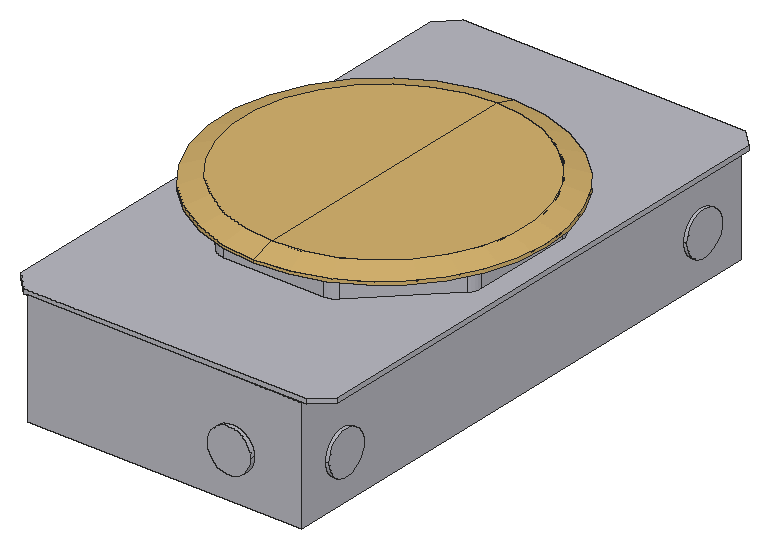
Revit family "Electrical_Equipment-Floor_Box-Hubbell_Wiring-2_Gang-Concrete_Shallow-CFB2G25R", category Electrical Fixtures, host Face, Revit 2015
Parameters (values of type "CFB2G25R")
  URL = "http://www.hubbell-wiring.com/"
  Product data url = "https://bimobject.com/hubbellwiring/product/hubbell-cfb2g25"
  Product Page URL = "http://ecatalog.hubbell-wiring.com/productinformation/viewcatalog.aspx?Dest=hubbell-wiring.com/press/catalog/O.pdf"
  Product Documentation Link = "http://www.hubbell-wiring.com/DrawingLibrary.aspx/"
  Model = "CFB2G25R"
  Manufacturer = "Hubbell-Wiring"  # constant formula
  Keynote = ""
  Device Plate 2 [instance] = Device Plate : FBMP139 - Simplex / 20A - 1.39" circular opening
  Device Plate 1 [instance] = Device Plate : FBMP139 - Simplex / 20A - 1.39" circular opening
  Description = "Concrete Floor Box, 2 Gang for 6in Round Cover Shallow"  # constant formula
  Default Elevation = 0.000"
  Cover Type [instance] = CFBS1R6FFCVR : CFBS1R6FFCVRBRS - Brass Cover
  Conduit Connector_9 Description = "Conduit 1in. 0.75in. or 0.5in. Connection"
  Conduit Connector_8 Description = "Conduit 1in. 0.75in. or 0.5in. Connection"
  Conduit Connector_7 Description = "Conduit 1in. 0.75in. or 0.5in. Connection"
  Conduit Connector_6 Description = "Conduit 1in. 0.75in. or 0.5in. Connection"
  Conduit Connector_5 Description = "Conduit 1in. 0.75in. or 0.5in. Connection"
  Conduit Connector_4 Description = "Conduit 1in. 0.75in. or 0.5in. Connection"
  Conduit Connector_3 Description = "Conduit 1in. 0.75in. or 0.5in. Connection"
  Conduit Connector_2 Description = "Conduit 1in. 0.75in. or 0.5in. Connection"
  Conduit Connector_10 Description = "Conduit 1in. 0.75in. or 0.5in. Connection"
  Conduit Connector_1 Description = "Conduit 1in. 0.75in. or 0.5in. Connection"
  Conduit Connector 1 Radius = 0.500"
  Box Material = Metal - Hubbell - Steel
  Assembly Code = "D5020115"
Types (2): name | Model | Cover Type | Box Material
  CFB2G25R | "CFB2G25R" | CFBS1R6FFCVR : CFBS1R6FFCVRBRS - Brass Cover | Metal - Hubbell - Steel
  CFB2G25RCR | "CFB2G25RCR" | CFBS1R6FFCVR : CFBS1R6FFCVRNK - Nickel Cover | Metal - Hubbell - Green Finish
Reference planes (in)
  plane 1 "Center (Front/Back)": y = 0
  plane 2 "Reference level": z = 0
  plane 3 "Center (Left/Right)": x = 0
  plane 4: z = -3.25
  plane 5: x = -3.16
  plane 6: x = 3.16
  plane 7: y = 6.3285
  plane 8: y = -6.3285
  plane 9: z = -3.19
  plane 10: y = -6.4285
  plane 11: x = -3.26
  plane 12: y = 6.4285
  plane 13: x = 3.26
  plane 14: z = -2.1515
  plane 15: z = -3.35
  plane 16: x = -3.06
  plane 17: x = 3.06
  plane 18: y = 6.2285
  plane 19: y = -6.2285
  plane 20: z = -0.64
  plane 21: z = -0.53984
  plane 22: x = 3.66
  plane 23: x = -3.66
Forms (in)
  Extrusion 1, solid, material "Metal - Hubbell - Steel" <- "Box Material"
    sketch origin (0, 0, 0) x (1, 0, 0) y (0, 1, 0)
      loop
        line (-3.16, 6.3285) -> (-3.16, -6.3285) -> (3.16, -6.3285) -> (3.16, 6.3285) -> (-3.16, 6.3285)
    from -3.25 to -0.64
  Extrusion 2, solid, material "Metal - Hubbell - Steel" <- "Box Material", detail levels medium+fine
    sketch origin (0, 0, 0) x (0, 1, 0) y (0, 0, 1)
      loop
        circle (5.1645, -2.1515) r 0.5
      loop
        circle (-5.1645, -2.1515) r 0.5
    from -3.26 to -3.16
  Extrusion 3, solid, material "Metal - Hubbell - Steel" <- "Box Material", detail levels medium+fine
    sketch origin (0, 0, 0) x (0, 1, 0) y (0, 0, -1)
      loop
        circle (5.1645, 2.1515) r 0.5
      loop
        circle (-5.1645, 2.1515) r 0.5
    from -3.26 to -3.16
  Extrusion 4, solid, material "Metal - Hubbell - Steel" <- "Box Material", detail levels medium+fine
    sketch origin (0, 0, 0) x (1, 0, 0) y (0, 0, 1)
      loop
        circle (1.563, -2.1515) r 0.5
    from 6.3285 to 6.4285
  Extrusion 5, solid, material "Metal - Hubbell - Steel" <- "Box Material", detail levels medium+fine
    sketch origin (0, 0, 0) x (1, 0, 0) y (0, 0, -1)
      loop
        circle (1.563, 2.1515) r 0.5
    from 6.3285 to 6.4285
  Extrusion 6, solid, material "Metal - Hubbell - Steel" <- "Box Material", detail levels medium+fine
    sketch origin (0, 0, 0) x (1, 0, 0) y (0, 1, 0)
      loop
        circle (-1.9915, 5.24) r 0.5
      loop
        circle (1.9915, 5.24) r 0.5
      loop
        circle (-1.9915, -5.24) r 0.5
      loop
        circle (1.9915, -5.24) r 0.5
    from -3.35 to -3.25
  Extrusion 7, void
    sketch origin (0, 0, 0) x (1, 0, 0) y (0, 1, 0)
      loop
        line (-3.06, -6.2285) -> (3.06, -6.2285) -> (3.06, 6.2285) -> (-3.06, 6.2285) -> (-3.06, -6.2285)
    from -3.19 to 0
  Sweep 8, solid, material "Metal - Hubbell - Steel" <- "Box Material"
    path origin (0, 0, 0) x (0, 1, 0) y (0, 0, 1)
      loop
        line (0, -0.64) -> (0, -0.53984)
    profile origin (0, 0, -0.58992) x (0, -1, 0) y (1, 0, 0)
      loop
        line (5.923, -3.66) -> (6.323, -3.26) -> (6.323, 3.26) -> (5.923, 3.66) -> (-5.927, 3.66) -> (-6.3285, 3.2585) -> (-6.3285, -3.2585) -> (-5.927, -3.66) -> (5.923, -3.66)
  Sweep 9, solid, material "Metal - Hubbell - Steel" <- "Box Material"
    path origin (0, 0, 0) x (0, 1, 0) y (0, 0, 1)
      loop
        line (0, -0.53984) -> (0, 0)
    profile origin (0, 0, -0.26992) x (0, -1, 0) y (1, 0, 0)
      loop
        arc (-3.0706, 1.43426) -> (-3.15601, 1.30643) -> (-3.186, 1.15566) r 0.394
        line (-3.186, 1.15566) -> (-3.186, -1.15566)
        arc (-3.186, -1.15566) -> (-3.15601, -1.30643) -> (-3.0706, -1.43426) r 0.394
        line (-3.0706, -1.43426) -> (-1.43626, -3.0686)
        arc (-1.43626, -3.0686) -> (-1.30843, -3.15401) -> (-1.15766, -3.184) r 0.394
        line (-1.15766, -3.184) -> (1.15366, -3.184)
        arc (1.15366, -3.184) -> (1.30443, -3.15401) -> (1.43226, -3.0686) r 0.394
        line (1.43226, -3.0686) -> (3.0666, -1.43426)
        arc (3.0666, -1.43426) -> (3.15201, -1.30643) -> (3.182, -1.15566) r 0.394
        line (3.182, -1.15566) -> (3.182, 1.15566)
        arc (3.182, 1.15566) -> (3.15201, 1.30643) -> (3.0666, 1.43426) r 0.394
        line (3.0666, 1.43426) -> (1.43226, 3.0686)
        arc (1.43226, 3.0686) -> (1.30443, 3.15401) -> (1.15366, 3.184) r 0.394
        line (1.15366, 3.184) -> (-1.15766, 3.184)
        arc (-1.15766, 3.184) -> (-1.30843, 3.15401) -> (-1.43626, 3.0686) r 0.394
        line (-1.43626, 3.0686) -> (-3.0706, 1.43426)
Cuts and joins
  Extrusion 7 cuts Extrusion 1
Lines and regions (in)
  symbolic lines
    curve 1: line (-3.16, 0, 0) -> (-3.16, 0, -3.25)
    curve 2: line (-3.16, 0, -3.25) -> (3.16, 0, -3.25)
    curve 3: line (3.16, 0, -3.25) -> (3.16, 0, 0)
    curve 4: line (0, 6.3285, -3.25) -> (0, 6.3285, -0.53984)
    curve 5: line (0, 6.3285, -0.53984) -> (0, -6.3285, -0.53984)
    curve 6: line (0, -6.3285, -0.53984) -> (0, -6.3285, -3.25)
    curve 7: line (0, 6.3285, -3.25) -> (0, -6.3285, -3.25)
Dimensions and locks (in)
  level to plane 4 = 3.250"
  equal spacing: Extrusion 2 sketch curve, plane 1 "Center (Front/Back)", Extrusion 2 sketch curve
  locked: Extrusion 2 sketch curve to plane 1 "Center (Front/Back)" at 5.1645
  locked: Extrusion 4 sketch curve to plane 3 "Center (Left/Right)" at 1.563
  equal spacing: Extrusion 3 sketch curve, plane 1 "Center (Front/Back)", Extrusion 3 sketch curve
  locked: Extrusion 3 sketch curve to plane 1 "Center (Front/Back)" at 5.1645
  locked: Extrusion 5 sketch curve to plane 3 "Center (Left/Right)" at 1.563
  equal spacing: Extrusion 6 sketch curve, plane 1 "Center (Front/Back)", Extrusion 6 sketch curve  (x2)
  locked: plane 1 "Center (Front/Back)" to Extrusion 6 sketch curve at 5.24  (x2)
  equal spacing: Extrusion 6 sketch curve, plane 3 "Center (Left/Right)", Extrusion 6 sketch curve  (x2)
  locked: Extrusion 6 sketch curve to plane 3 "Center (Left/Right)" at 1.9915  (x2)
  equal spacing: plane 12, plane 1 "Center (Front/Back)", plane 10, locked at 6.4285 each
  locked: plane 12 to plane 10 at 12.857
  equal spacing: plane 8, plane 1 "Center (Front/Back)", plane 7, locked at 6.3285 each
  equal spacing: plane 18, plane 1 "Center (Front/Back)", plane 19
  equal spacing: plane 11, plane 3 "Center (Left/Right)", plane 13, locked at 3.26 each
  equal spacing: plane 5, plane 3 "Center (Left/Right)", plane 6, locked at 3.16 each
  equal spacing: plane 16, plane 3 "Center (Left/Right)", plane 17, locked at 3.06 each
  locked: plane 11 to plane 13 at 6.52
  plane 2 "Reference level" to plane 4 = 3.250"
  locked: plane 2 "Reference level" to plane 20 at 0.64
  locked: nested 1 to Sweep 9 at 3.184
  "Conduit Connector 1 Radius": radius of Extrusion 2 sketch curve  (x2)
  "Conduit Connector 1 Radius": radius of Extrusion 3 sketch curve  (x2)
  "Conduit Connector 1 Radius": radius of Extrusion 4 sketch curve
  "Conduit Connector 1 Radius": radius of Extrusion 5 sketch curve
  "Conduit Connector 1 Radius": radius of Extrusion 6 sketch curve  (x4)
  aligned and locked: host face to plane 2 "Reference level"
  aligned and locked: level to host face
  aligned and locked: Extrusion 1 sketch curve to plane 5
  aligned and locked: Extrusion 1 sketch curve to plane 7
  aligned and locked: plane 6 to Extrusion 1 sketch curve
  aligned and locked: plane 8 to Extrusion 1 sketch curve
  aligned and locked: Extrusion 1 to plane 4
  aligned and locked: plane 5 to Extrusion 2
  aligned and locked: Extrusion 2 to plane 11
  aligned and locked: Extrusion 3 to plane 13
  aligned and locked: plane 10 to Extrusion 4
  aligned and locked: Extrusion 4 to plane 8
  aligned and locked: plane 14 to Extrusion 2 sketch curve
  aligned and locked: plane 14 to Extrusion 3 sketch curve  (x2)
  aligned and locked: plane 12 to Extrusion 5
  aligned and locked: Extrusion 5 to plane 7
  aligned and locked: plane 14 to Extrusion 4 sketch curve
  aligned and locked: plane 14 to Extrusion 5 sketch curve
  aligned and locked: Extrusion 6 to plane 15
  aligned and locked: plane 4 to Extrusion 6
  aligned and locked: Extrusion 7 sketch curve to plane 17
  aligned and locked: plane 18 to Extrusion 7 sketch curve
  aligned and locked: Extrusion 7 sketch curve to plane 16
  aligned and locked: Extrusion 7 sketch curve to plane 19
  aligned and locked: cut or joined group of Extrusion 1, Extrusion 7 to plane 9
  aligned and locked: curve 6 to plane 8
  aligned and locked: plane 7 to cut or joined group of Extrusion 1, Extrusion 7
  aligned and locked: curve 7 to plane 4
  aligned and locked: curve 2 to plane 4
  aligned and locked: curve 1 to plane 5
  aligned and locked: curve 3 to plane 6
  aligned and locked: plane 2 "Reference level" to Extrusion 7
  aligned and locked: plane 20 to Extrusion 1
  aligned and locked: plane 1 "Center (Front/Back)" to Sweep 9 sketch curve
  aligned and locked: plane 2 "Reference level" to Sweep 9 sketch curve
  aligned and locked: plane 20 to Sweep 8 sketch curve
  aligned and locked: plane 21 to Sweep 9 sketch curve
  aligned and locked: plane 21 to Sweep 8 sketch curve
  aligned and locked: Sweep 8 sketch curve to plane 22
  aligned and locked: plane 23 to Sweep 8 sketch curve
  aligned and locked: plane 3 "Center (Left/Right)" to nested 1
  aligned and locked: plane 1 "Center (Front/Back)" to nested 1
  aligned and locked: nested 1 to Sweep 8 sketch curve
  aligned and locked: plane 6 to Extrusion 3
  aligned and locked: plane 21 to curve 5
Automatic sketch dimensions
  host sketch curve to host sketch curve = 96.000"  (x2)
  profile plane to Sweep 8 sketch curve = 6.3285"
  Sweep 8 sketch curve to Sweep 8 sketch curve = 0.4015"  (x4)
  Sweep 8 sketch curve to profile plane = 5.923"  (x2)
  Sweep 8 sketch curve to Sweep 8 sketch curve = 0.400"  (x3)
  profile plane to Sweep 9 sketch curve = 3.186"
  profile plane to Sweep 9 sketch curve = 1.43626"  (x2)
  Sweep 9 sketch curve to profile plane = 1.15366"  (x2)
  Sweep 9 sketch curve to plane 3 "Center (Left/Right)" = 1.15566"
  Sweep 9 sketch curve to Sweep 9 sketch curve = 1.63434"  (x2)
  curve 3 to level = 0.000"
  curve 1 to level = 0.000"
  plane 3 "Center (Left/Right)" to Sweep 9 sketch curve = 1.43426"  (x2)
  Sweep 9 sketch curve to Sweep 9 sketch curve = 0.1154"  (x4)
  Sweep 9 sketch curve to Sweep 9 sketch curve = 0.394"  (x2)
  Sweep 9 sketch curve to Sweep 9 sketch curve = 0.2786"  (x8)
  Sweep 9 sketch curve to plane 3 "Center (Left/Right)" = 2.790"
  Sweep 9 sketch curve to plane 3 "Center (Left/Right)" = 1.43426"  (x2)
  Sweep 9 sketch curve to Sweep 9 sketch curve = 0.000"
  curve 5 to plane 7 = 0.000"
  Extrusion 2 sketch curve to plane 14 = 0.000"
Nested families (in)
  nested 1: "CFBS1R6FFCVR" at (0, 0, 0), type <- "Cover Type", type "CFBS1R6FFCVRBRS - Brass Cover"
Connectors (in)
  cabletrayconduit at (1.563, -6.4285, -2.1515), diameter 1, driven by "Conduit Connector 1 Radius", driven by "Conduit Connector_1 Description"
    settings: on Extrusion 4, index 1, connector width 12.000", connector height 12.000", connector angle 0.00°, system type 32, placement type 0, profile type 0, connector reference index -1, is primary connector yes, connector utility param no, connector description "Conduit 1in. 0.75in. or 0.5in. Connection"
  cabletrayconduit at (-3.26, -5.1645, -2.1515), diameter 1, driven by "Conduit Connector 1 Radius", driven by "Conduit Connector_2 Description"
    settings: on Extrusion 2, index 2, connector width 12.000", connector height 12.000", connector angle 0.00°, system type 32, placement type 0, profile type 0, connector reference index -1, is primary connector no, connector utility param no, connector description "Conduit 1in. 0.75in. or 0.5in. Connection"
  cabletrayconduit at (-3.26, 5.1645, -2.1515), diameter 1, driven by "Conduit Connector 1 Radius", driven by "Conduit Connector_3 Description"
    settings: on Extrusion 2, index 3, connector width 12.000", connector height 12.000", connector angle 0.00°, system type 32, placement type 0, profile type 0, connector reference index -1, is primary connector no, connector utility param no, connector description "Conduit 1in. 0.75in. or 0.5in. Connection"
  cabletrayconduit at (1.563, 6.4285, -2.1515), diameter 1, driven by "Conduit Connector 1 Radius", driven by "Conduit Connector_4 Description"
    settings: on Extrusion 5, index 4, connector width 12.000", connector height 12.000", connector angle 0.00°, system type 32, placement type 0, profile type 0, connector reference index -1, is primary connector no, connector utility param no, connector description "Conduit 1in. 0.75in. or 0.5in. Connection"
  cabletrayconduit at (3.26, 5.1645, -2.1515), diameter 1, driven by "Conduit Connector 1 Radius", driven by "Conduit Connector_5 Description"
    settings: on Extrusion 3, index 5, connector width 12.000", connector height 12.000", connector angle 0.00°, system type 32, placement type 0, profile type 0, connector reference index -1, is primary connector no, connector utility param no, connector description "Conduit 1in. 0.75in. or 0.5in. Connection"
  cabletrayconduit at (3.26, -5.1645, -2.1515), diameter 1, driven by "Conduit Connector 1 Radius", driven by "Conduit Connector_6 Description"
    settings: on Extrusion 3, index 6, connector width 12.000", connector height 12.000", connector angle 0.00°, system type 32, placement type 0, profile type 0, connector reference index -1, is primary connector no, connector utility param no, connector description "Conduit 1in. 0.75in. or 0.5in. Connection"
  cabletrayconduit at (1.9915, -5.24, -3.35), diameter 1, driven by "Conduit Connector 1 Radius", driven by "Conduit Connector_7 Description"
    settings: on Extrusion 6, index 7, connector width 12.000", connector height 12.000", connector angle 0.00°, system type 32, placement type 0, profile type 0, connector reference index -1, is primary connector no, connector utility param no, connector description "Conduit 1in. 0.75in. or 0.5in. Connection"
  cabletrayconduit at (-1.9915, -5.24, -3.35), diameter 1, driven by "Conduit Connector 1 Radius", driven by "Conduit Connector_8 Description"
    settings: on Extrusion 6, index 8, connector width 12.000", connector height 12.000", connector angle 0.00°, system type 32, placement type 0, profile type 0, connector reference index -1, is primary connector no, connector utility param no, connector description "Conduit 1in. 0.75in. or 0.5in. Connection"
  cabletrayconduit at (-1.9915, 5.24, -3.35), diameter 1, driven by "Conduit Connector 1 Radius", driven by "Conduit Connector_9 Description"
    settings: on Extrusion 6, index 9, connector width 12.000", connector height 12.000", connector angle 0.00°, system type 32, placement type 0, profile type 0, connector reference index -1, is primary connector no, connector utility param no, connector description "Conduit 1in. 0.75in. or 0.5in. Connection"
  cabletrayconduit at (1.9915, 5.24, -3.35), diameter 1, driven by "Conduit Connector 1 Radius", driven by "Conduit Connector_10 Description"
    settings: on Extrusion 6, index 10, connector width 12.000", connector height 12.000", connector angle 0.00°, system type 32, placement type 0, profile type 0, connector reference index -1, is primary connector no, connector utility param no, connector description "Conduit 1in. 0.75in. or 0.5in. Connection"
Definition of nested family "CFBS1R6FFCVR"
  Parameters
    URL = "http://www.hubbell-wiring.com/"
    Product Page URL = ""
    Product Documentation Link = ""
    Model = "CFBS1R6FFCVRNK"
    Manufacturer = "Hubbell-Wiring"  # constant formula
    Description = "Furniture Feed Cover, System one 6 Inch For 2 Gang Recessed Round Cover Floor Boxes"  # constant formula
    Default Elevation = 0.000"
    Cover Material = none
    Assembly Code = "D5020115"
  Reference planes (in)
    plane 1 "Center (Front/Back)": y = 0
    plane 2: z = 0
    plane 3 "Center (Left/Right)": x = 0
  Forms (in)
    Extrusion 1, solid
      sketch origin (0, 0, 0) x (1, 0, 0) y (0, 1, 0)
        loop
          line (-48, 48) -> (-48, -48) -> (48, -48) -> (48, 48) -> (-48, 48)
      from 0 to -12
    Revolve 2, solid, material <- "Cover Material"
      sketch origin (0, 0, 0) x (0, 1, 0) y (0, 0, 1)
        loop
          line (0, 0.24) -> (-3.25, 0.24) -> (-3.75, 0.07409) -> (-3.75, 0) -> (-2.965, 0) -> (-2.965, -0.76) -> (0, -0.76) -> (0, 0.24)
        axis (0, 0.24) -> (0, -0.76)
      angle from 0 to 360
  Lines and regions (in)
    symbolic lines
      curve 1: line (-3.24941, 0, 0.24) -> (3.24984, 0, 0.24)
      curve 2: line (3.74984, 0, 0) -> (-3.74941, 0, 0)
      curve 3: line (2.96497, 0, -0.76) -> (-2.96469, 0, -0.76)
      curve 4: line (2.96497, 0, 0) -> (2.96497, 0, -0.76)
      curve 5: line (-2.96469, 0, -0.76) -> (-2.96469, 0, 0)
      curve 6: line (0, 3.24986, 0.24) -> (0, -3.2482, 0.24)
      curve 7: line (0, -3.7482, 0) -> (0, 3.74986, 0)
      curve 8: line (0, 2.96459, -0.76) -> (0, 2.96459, 0)
      curve 9: line (0, -2.96501, -0.76) -> (0, 2.96459, -0.76)
      curve 10: line (0, -2.96501, 0) -> (0, -2.96501, -0.76)
      curve 16: line (-3.74941, 0, 0) -> (-3.74941, 0, 0.07409)
      curve 17: line (3.74984, 0, 0) -> (3.74984, 0, 0.07409)
      curve 19: line (-3.74941, 0, 0.07409) -> (-3.24941, 0, 0.24)
      curve 21: line (3.24984, 0, 0.24) -> (3.74984, 0, 0.07409)
      curve 24: line (0, 3.24986, 0.24) -> (0, 3.74986, 0.07409)
      curve 25: line (0, -3.2482, 0.24) -> (0, -3.7482, 0.07409)
      curve 26: line (0, -3.7482, 0.07409) -> (0, -3.7482, 0)
      curve 27: line (0, 3.74986, 0) -> (0, 3.74986, 0.07409)
      curve 34: circle (0, 0, 0) r 3.25 normal (0, 0, 1)
      curve 35: circle (0, 0, 0) r 3.75 normal (0, 0, 1)
    reference lines
      curve 11: line (-2.98985, 0, 0.53206) -> (-4.78257, 0, -0.06281)
      curve 12: arc (-1.875, 2.145, 0) -> (-1.69822, 2.07178, 0) -> (-1.625, 1.895, 0) r 0.25
      curve 13: arc (-1.875, -2.145, 0) -> (-1.69822, -2.07178, 0) -> (-1.625, -1.895, 0) r 0.25
      curve 14: arc (1.875, 2.145, 0) -> (1.69822, 2.07178, 0) -> (1.625, 1.895, 0) r 0.25
      curve 15: arc (1.875, -2.145, 0) -> (1.69822, -2.07178, 0) -> (1.625, -1.895, 0) r 0.25
      curve 18: line (-3.87, 0, 0.24) -> (-4.37, 0, 0.07409)
      curve 20: line (3.51326, 0, 0.35838) -> (4.59327, 0, 0)
      curve 22: line (0, 6.70455, 0.32476) -> (0, 7.57568, 0.0357)
      curve 23: line (0, -6.61229, 0.35538) -> (0, -7.58929, 0.03119)
    model lines, detail levels medium+fine
      curve 28: circle (1.55466, -0.01388, 0.24) r 1 normal (0, 0, 1)
      curve 29: circle (-1, 0, 0.24) r 0.375 normal (0, 0, 1)
      curve 30: line (-0.75895, 0.28727, 0.24) -> (-1.24105, -0.28727, 0.24)
      curve 31: line (-0.72982, 0.26005, 0.24) -> (-1.20918, -0.31124, 0.24)
      curve 32: line (0.91187, 0.75216, 0.24) -> (2.19744, -0.77992, 0.24)
      curve 33: line (0.94021, 0.77508, 0.24) -> (2.22493, -0.75599, 0.24)
  Dimensions and locks (in)
    radius of curve 28 = 1.000"
    aligned and locked: plane 2 to Extrusion 1
    aligned and locked: level to Extrusion 1
